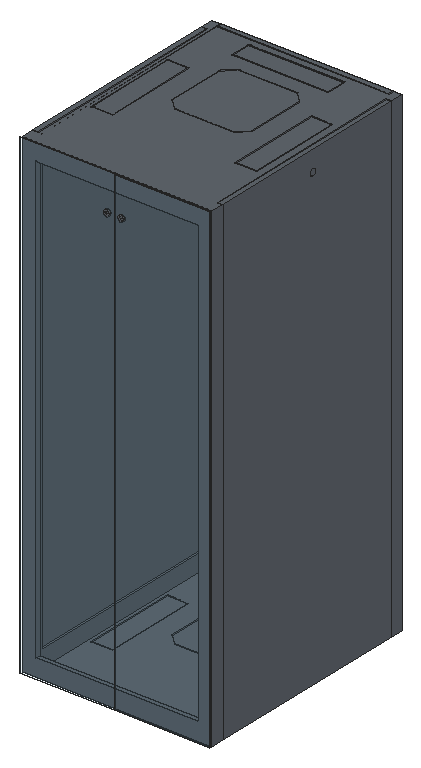
Revit family "Linkeo Freestanding cabinets with double front door width 800", category Equipement spécialisé, Revit 2020
Family settings
  Cote de connecteur circulaire = Utiliser le diamètre
  Type d'élément = Normal
  Numéro OmniClass = 23.85.05.17.11.14
  Titre OmniClass = Multimedia Broadcasting Equipment
  Basée sur le plan de construction = Non
  Toujours verticalement = Oui
  Couper avec des vides une fois chargée = Non
  Partagée = Oui
  Point de calcul de pièce = Non
Parameters (values of type "Cabinet Linkeo2 42U 800x1000 double door")
  With roof plate = yes
  With earthing = yes
  Width (mm) = 810.00 mm
  Usable width (mm) = 890.00 mm
  Usable height (mm) = 1881.00 mm
  Type of ventilation = "None"
  Type of surface = "Powder coating"
  Type of profile rail = "Crank"
  Storage temperature = "-25°C à 70°C"
  Rack location = 93.00 mm
  RAL Number = "7016"
  Operating temperature = "-25°C à 70°C"
  Number of height units = 42
  Number of doors = "2"
  Mounting level = "Front side"
  Modular spacing = "19 inches"
  Model width = 800.00 mm
  Model = "With permanent frame"
  Max load capacity = "400"
  Material = "Steel"
  Type of levelling feet = "Levelling feet  800X1000"
  Type of vertical uprights = "Vertical uprights for Linkeo freestanding cabinets  42U"
  Type of horizontal uprights = "Horizontal uprights for Linkeo freestanding cabinets  42U depth 1000"
  Locking of the front door = "One point"
  Legrand part number = "646768"
  Height = 2026.00 mm
  Function = "Cabinet Linkeo2"
  Front door material = glass
  Fabricant = "Legrand"  # constant formula
  E-catalogue link = "https://www.legrand.fr/reference/646768/pro"
  Door symbol = "Door symbol  Double front door"
  Elévation par défaut = 0.00 mm
  EAN = "3414971001626"
  Distance of the aperture 2 = 298.00 mm
  Distance of the aperture 1 = 457.00 mm
  Depth of the model (mm) = 1000.00 mm
  Depth = 1030.00 mm
  Degree of protection IP = "IP20"
  Degree of protection IK = "IK08"
  Color = grey
  BIM wording = "Cabinet Linkeo2 42U 800x1000 double door"
  Avec porte frontale = yes
  Application class = "EC002499"
Types (3, lengths in mm): name | Usable width (mm) | Usable height (mm) | Type of levelling feet | Type of horizontal uprights | Legrand part number | E-catalogue link | EAN | Distance of the aperture 2 | Distance of the aperture 1 | Depth of the model (mm) | Depth | BIM wording
  Cabinet Linkeo2 42U 800x600 double door | 490.00 | 1786.00 | "Levelling feet  800X600" | "Horizontal uprights for Linkeo freestanding cabinets  42U depth 600" | "646766" | "https://www.legrand.fr/reference/646766/pro" | "3414971001602" | 98.00 | 57.00 | 600.00 | 630.00 | "Cabinet Linkeo2 42U 800x600 double door"
  Cabinet Linkeo2 42U 800x800 double door | 690.00 | 1786.00 | "Levelling feet  800X800" | "Horizontal uprights for Linkeo freestanding cabinets  42U depth 800" | "646767" | "https://www.legrand.fr/reference/646767/pro" | "3414971001619" | 198.00 | 257.00 | 800.00 | 830.00 | "Cabinet Linkeo2 42U 800x800 double door"
  Cabinet Linkeo2 42U 800x1000 double door | 890.00 | 1881.00 | "Levelling feet  800X1000" | "Horizontal uprights for Linkeo freestanding cabinets  42U depth 1000" | "646768" | "https://www.legrand.fr/reference/646768/pro" | "3414971001626" | 298.00 | 457.00 | 1000.00 | 1030.00 | "Cabinet Linkeo2 42U 800x1000 double door"
Reference planes
  plane 1 "Centre (avant/arrière)": y = 106
  plane 2: z = 0
  plane 3: x = -100
  plane 4: x = 700
  plane 5: z = 2026
  plane 6: y = -894
  plane 7: x = -45
  plane 8: x = 645
  plane 9: x = 300
  plane 10: z = 1953.5
  plane 11: z = 72.5
  plane 12: z = 1013
  plane 13: y = -892
  plane 14: x = 300
  plane 15: y = -444.5
  plane 16: y = 455.094
  plane 17: x = 1428.928
  plane 18: z = -485.313
  plane 19: x = 2466.566
  plane 20: z = 1013
  plane 21: x = 300
  plane 22: x = 500
  plane 23: x = 100
  plane 24: x = 300
  plane 25: y = -801
  plane 26: x = 525
  plane 27: y = -799.5
  plane 28: x = 556.5
  plane 29: x = 558
  plane 30: y = -760.5
  plane 31: y = -759
  plane 32: x = 534.5
  plane 33: x = 536
  plane 34: z = 80
  plane 35: z = 89.5
  plane 36: x = 528.5
  plane 37: x = 538
  plane 38: z = 111.75
  plane 39: z = 121.25
  plane 40: y = -742.5
  plane 41: y = -752
  plane 42: z = 105.38
  plane 43: z = 95.88
  plane 44: x = 77
  plane 45: x = 67.5
  plane 46: x = 66
  plane 47: z = 77.5
  plane 48: z = 1991
  plane 49: z = 1013
  plane 50: y = -894
  plane 51: y = 66
  plane 52: z = 35
  plane 53: y = -601
  plane 54 "Panneaux gauche": y = -797.5
  plane 55 "Panneaux droit": y = 62.5
  plane 56 "Panneaux haut": z = 1989
  plane 57: z = 1941
  plane 58: z = 1941
  plane 59: y = -367.5
  plane 60: x = 175
  plane 61: x = 425
  plane 62: y = 54
  plane 63: y = -36
  plane 64: x = 98
  plane 65: x = 502
  plane 66: x = 131
  plane 67: y = -344.658
  plane 68: x = 469
  plane 69: y = -6.658
  plane 70: x = 133.5
  plane 71: y = -9.158
  plane 72: y = -342.158
  plane 73: x = 466.5
  plane 74: y = -50.658
  plane 75: y = -300.158
  plane 76: through (150.891, -321.084, 1200) normal (-0.7071, -0.7071, 0)
  plane 77: through (440.304, -329.89, 1200) normal (-0.7071, 0.7071, 0)
  plane 78: through (446.349, -26.971, 1200) normal (-0.7071, -0.7071, 0)
  plane 79: through (445.75, -29.908, 1200) normal (-0.7071, -0.7071, 0)
  plane 80: through (150.227, -316.885, 1200) normal (-0.7071, -0.7071, 0)
  plane 81: through (445.5, -321.158, 1200) normal (-0.7071, 0.7071, 0)
  plane 82: x = 100.5
  plane 83: y = 91.5
  plane 84: y = 7.5
  plane 85: x = 499.5
  plane 86: x = 131
  plane 87: y = -437
  plane 88: x = 469
  plane 89: y = -99
  plane 90: x = 133.5
  plane 91: y = -101.5
  plane 92: y = -434.5
  plane 93: x = 466.5
  plane 94: y = -143
  plane 95: y = -392.5
  plane 96: through (150.891, -413.426, 577) normal (-0.7071, -0.7071, 0)
  plane 97: through (440.304, -422.232, 577) normal (-0.7071, 0.7071, 0)
  plane 98: through (446.349, -119.313, 577) normal (-0.7071, -0.7071, 0)
  plane 99: through (445.75, -122.25, 577) normal (-0.7071, -0.7071, 0)
  plane 100: through (150.227, -409.227, 577) normal (-0.7071, -0.7071, 0)
  plane 101: through (445.5, -413.5, 577) normal (-0.7071, 0.7071, 0)
  plane 102: x = -49
  plane 103: x = 41
  plane 104: y = -192
  plane 105: y = -596
  plane 106: y = -194.5
  plane 107: x = -46.5
  plane 108: x = 559
  plane 109: x = 649
  plane 110: through (113.028, -163.472, 1200) normal (-0.7071, 0.7071, 0)
  plane 111: through (194.144, -78.82, 1200) normal (0.7071, -0.7071, 0)
  plane 112: through (113.028, -71.13, 1823) normal (-0.7071, 0.7071, 0)
  plane 113: through (194.144, 13.522, 1823) normal (0.7071, -0.7071, 0)
  plane 114: x = 175.5
  plane 115: through (175.5, -434.5, 1200) normal (-0.7071, -0.7071, 0)
  plane 116: x = 424.5
  plane 117: through (424.5, -434.5, 1200) normal (-0.7071, 0.7071, 0)
  plane 118: through (133.5, -143, 1200) normal (-0.7071, 0.7071, 0)
  plane 119: through (425, -101.5, 1200) normal (0.7071, 0.7071, 0)
  plane 120: x = 175.5
  plane 121: through (175.5, -342.158, 1823) normal (-0.7071, -0.7071, 0)
  plane 122: x = 424.5
  plane 123: through (424.5, -342.158, 1823) normal (-0.7071, 0.7071, 0)
  plane 124: through (133.5, -50.658, 1823) normal (-0.7071, 0.7071, 0)
  plane 125: through (425, -9.158, 1823) normal (0.7071, 0.7071, 0)
  plane 126: y = -801
  plane 127: z = 124.45
  plane 128: x = 42
  plane 129: y = -593.5
  plane 130: x = 100.5
  plane 131: x = 100.5
  plane 132: x = 100.5
  plane 133: x = 561.5
  plane 134: z = 1958
  plane 135: y = -394
  plane 136: y = 84.5
  plane 137: y = -872.5
  plane 138: x = 41
  plane 139: x = 559
  plane 140: x = 300
  plane 141: z = 4159
  plane 142: z = 1958
  plane 143: y = -694
  plane 144: z = 72
  plane 145: z = 1954
  plane 146: y = 82.5
  plane 147: y = -870.5
  plane 148: x = 38.5
  plane 149: x = 646.5
  plane 150: x = 678.5
  plane 151: x = -78.5
  plane 152: z = 1953.5
  plane 153: z = 72.5
  plane 154: z = 1013
  plane 155: y = -394
  plane 156: y = 51
  plane 157: y = -839
  plane 158: x = -63.5
  plane 159: x = 663.5
  plane 160: y = 84.5
  plane 161: y = -294
  plane 162: y = -909
  plane 163: y = -904
  plane 164: y = -394
  plane 165: x = 301.001
  plane 166: x = 299.001
Forms (mm)
  Extrusion 1, solid, material "grey" <- "Color"
    sketch origin (-100, 0, 0) x (0, 1, 0) y (0, 0, 1)
      loop
        line (-894, 0) -> (106, 0) -> (106, 2026) -> (-894, 2026) -> (-894, 0)
    from 0 to 800
  Extrusion 2, void
    sketch origin (-250, 82.5, 1200) x (1, 0, 0) y (0, 0, 1)
      loop
        line (185, 824) -> (185, -1198) -> (915, -1198) -> (915, 824) -> (185, 824)
    from 0 to 953
  Extrusion 3, void
    sketch origin (0, 106, 0) x (1, 0, 0) y (0, 0, 1)
      loop
        line (-45, 1953.5) -> (-45, 72.5) -> (645, 72.5) -> (645, 1953.5) -> (-45, 1953.5)
    from 0 to 1000
  Extrusion 4, solid, material "grey"
    sketch origin (-100, -909, 1976) x (1, 0, 0) y (0, 0, 1)
      loop
        circle (370.629, -100.966) r 12
    from 0 to 5
  Extrusion 5, void
    sketch origin (-100, -914, 1976) x (-1, 0, 0) y (0, 0, 1)
      loop
        line (-364.359, -96.63) -> (-366.292, -94.697) -> (-376.899, -105.303) -> (-374.966, -107.236) -> (-364.359, -96.63)
    from 0 to 2
  Extrusion 6, solid, material "grey" <- "Color", not visible
    sketch origin (-100, 47, -855.959) x (0, -1, 0) y (0, 0, 1)
      loop
        circle (154, 1149) r 12
    from 0 to 4
  Extrusion 7, void, not visible
    sketch origin (-104, 531.38, -177.686) x (0, 1, 0) y (0, 0, 1)
      loop
        line (-631.856, 476.03) -> (-633.789, 477.963) -> (-644.395, 467.357) -> (-642.463, 465.424) -> (-631.856, 476.03)
    from 0 to 2
  Extrusion 8, solid, material "grey" <- "Color"
    sketch origin (-100, -213.5, 792) x (0, -1, 0) y (0, 0, 1)
      loop
        circle (154, 1149) r 12
    from 0 to 4
  Extrusion 9, void
    sketch origin (-104, 270.88, 1470.273) x (0, 1, 0) y (0, 0, 1)
      loop
        line (-631.856, 476.03) -> (-633.789, 477.963) -> (-644.395, 467.357) -> (-642.463, 465.424) -> (-631.856, 476.03)
    from 0 to 2
  Extrusion 10, solid, material "grey" <- "Color", not visible
    sketch origin (621, -865.746, -189.529) x (0, 1, 0) y (0, 0, 1)
      loop
        circle (638.746, 471.529) r 12
    from 0 to 4
  Extrusion 11, void, not visible
    sketch origin (625, -865.126, -189.694) x (0, -1, 0) y (0, 0, 1)
      loop
        line (-631.856, 476.03) -> (-633.789, 477.963) -> (-644.395, 467.357) -> (-642.463, 465.424) -> (-631.856, 476.03)
    from 0 to 2
  Extrusion 12, void
    sketch origin (0, -23, 0) x (1, 0, 0) y (0, 1, 0)
      loop
        line (131, -118.964) -> (131, -370.536) -> (174.464, -414) -> (425.536, -414) -> (469, -370.536) -> (469, -118.964) -> (426.036, -76) -> (173.964, -76) -> (131, -118.964)
    from 2026 to 0
  Extrusion 13, void
    sketch origin (-100, -894, 0) x (0, -1, 0) y (1, 0, 0)
      loop
        line (-858, 198) -> (-858, 602) -> (-948, 602) -> (-948, 198) -> (-858, 198)
    from 0 to 2026
  Extrusion 14, solid, material "grey" <- "Color"
    sketch origin (698, 106, 2026) x (-1, 0, 0) y (0, -1, 0)
      loop
        line (597.5, 56) -> (597.5, 138.5) -> (198.5, 138.5) -> (198.5, 56) -> (597.5, 56)
    from 0 to -2
  Extrusion 15, solid, material "grey" <- "Color", not visible
    sketch origin (698, 146, 625) x (-1, 0, 0) y (0, -1, 0)
      loop
        line (597.5, 56) -> (597.5, 138.5) -> (198.5, 138.5) -> (198.5, 56) -> (597.5, 56)
    from 0 to -2
  Extrusion 16, solid, material "grey" <- "Color"
    sketch origin (698, 106, 2) x (-1, 0, 0) y (0, -1, 0)
      loop
        line (597.5, 56) -> (597.5, 138.5) -> (198.5, 138.5) -> (198.5, 56) -> (597.5, 56)
    from 0 to -2
  Extrusion 17, void
    sketch origin (0, 0, 0) x (0, 1, 0) y (1, 0, 0)
      loop
        line (-192, -49) -> (-192, 41) -> (-596, 41) -> (-596, -49) -> (-192, -49)
      loop
        line (-192, 559) -> (-192, 649) -> (-596, 649) -> (-596, 559) -> (-192, 559)
    from 0 to -2026
  Extrusion 18, solid, material "grey" <- "Color"
    sketch origin (-100, -454, 0) x (1, 0, 0) y (0, -1, 0)
      loop
        line (233.5, -311) -> (275, -352.5) -> (525, -352.5) -> (566.5, -311) -> (566.5, -61.5) -> (524.5, -19.5) -> (275.5, -19.5) -> (233.5, -61.5) -> (233.5, -311)
    from 0 to -2
  Extrusion 19, solid, material "grey" <- "Color"
    sketch origin (-100, 106, 2026) x (0, -1, 0) y (1, 0, 0)
      loop
        line (207.5, 275) -> (249, 233.5) -> (498.5, 233.5) -> (540.5, 275.5) -> (540.5, 524.5) -> (498.5, 566.5) -> (249, 566.5) -> (207.5, 525) -> (207.5, 275)
    from -2 to 0
  Extrusion 20, void
    sketch origin (0, 106, 0) x (1, 0, 0) y (0, 0, 1)
      loop
        line (649, 1954) -> (-49, 1954) -> (-49, 72) -> (649, 72) -> (649, 1954)
    from 2 to 0
  Extrusion 21, solid, material "grey" <- "Color"
    sketch origin (938.746, 106, 1467.471) x (-1, 0, 0) y (0, 0, 1)
      loop
        circle (638.746, 471.529) r 12
    from 0 to 4
  Extrusion 22, void
    sketch origin (938.126, 110, 1467.306) x (1, 0, 0) y (0, 0, 1)
      loop
        line (-631.856, 476.03) -> (-633.789, 477.963) -> (-644.395, 467.357) -> (-642.463, 465.424) -> (-631.856, 476.03)
    from 0 to 2
  Extrusion 23, solid, material "grey" <- "Color"
    sketch origin (-100, 106, 2026) x (0, -1, 0) y (1, 0, 0)
      loop
        line (699.5, 746.5) -> (300.5, 746.5) -> (300.5, 661.5) -> (699.5, 661.5) -> (699.5, 746.5)
    from 0 to -2
  Extrusion 24, solid, material "grey" <- "Color"
    sketch origin (-100, -894, 0) x (1, 0, 0) y (0, -1, 0)
      loop
        line (53.5, -699.5) -> (138.5, -699.5) -> (138.5, -300.5) -> (53.5, -300.5) -> (53.5, -699.5)
    from 0 to -2
  Extrusion 25, solid, material "grey" <- "Color"
    sketch origin (-100, -894, 0) x (1, 0, 0) y (0, -1, 0)
      loop
        line (746.5, -699.5) -> (746.5, -300.5) -> (661.5, -300.5) -> (661.5, -699.5) -> (746.5, -699.5)
    from 0 to -2
  Extrusion 26, solid, material "grey" <- "Color"
    sketch origin (700, -521.5, 792) x (0, 1, 0) y (0, 0, 1)
      loop
        circle (154, 1149) r 12
    from 0 to 4
  Extrusion 27, void
    sketch origin (704, -1005.88, 1470.273) x (0, -1, 0) y (0, 0, 1)
      loop
        line (-631.856, 476.03) -> (-633.789, 477.963) -> (-644.395, 467.357) -> (-642.463, 465.424) -> (-631.856, 476.03)
    from 0 to 2
  Extrusion 28, void
    sketch origin (-100, 0, 0) x (0, 1, 0) y (0, 0, 1)
      loop
        line (51, 2026) -> (-839, 2026) -> (-839, 0) -> (51, 0) -> (51, 2026)
    from 0 to 21.5
  Extrusion 29, solid, material "grey" <- "Color"
    sketch origin (-100, 0, 0) x (0, 1, 0) y (0, 0, 1)
      loop
        line (51, 2026) -> (-839, 2026) -> (-839, 0) -> (51, 0) -> (51, 2026)
    from 0 to 21.5
  Extrusion 30, solid, material "grey" <- "Color"
    sketch origin (700, 0, 0) x (0, 1, 0) y (0, 0, 1)
      loop
        line (-839, 2026) -> (-839, 0) -> (51, 0) -> (51, 2026) -> (-839, 2026)
    from 0 to -21.5
  Extrusion 31, solid, material "grey" <- "Color"
    sketch origin (0, 106, 0) x (1, 0, 0) y (0, 0, 1)
      loop
        line (663.5, 2026) -> (-63.5, 2026) -> (-63.5, 0) -> (663.5, 0) -> (663.5, 2026)
    from 0 to 21.5
  Extrusion 32, solid, material "grey" <- "Color"
    sketch origin (-100, 106, 2026) x (0, -1, 0) y (1, 0, 0)
      loop
        line (300.5, 53.5) -> (699.5, 53.5) -> (699.5, 138.5) -> (300.5, 138.5) -> (300.5, 53.5)
    from 0 to -2
  Extrusion 33, void
    sketch origin (700, 0, 0) x (0, -1, 0) y (0, 0, 1)
      loop
        line (839, 2026) -> (-51, 2026) -> (-51, 0) -> (839, 0) -> (839, 2026)
    from 0 to 21.5
  Extrusion 34, void
    sketch origin (-100, 0, 0) x (0, 1, 0) y (0, 0, 1)
      loop
        line (51, 1953.5) -> (-839, 1953.5) -> (-839, 72.5) -> (51, 72.5) -> (51, 1953.5)
    from 0 to 800
  Extrusion 35, void
    sketch origin (-100, 106, 2026) x (1, 0, 0) y (0, -1, 0)
      loop
        line (36.5, 21.5) -> (36.5, 0) -> (763.5, 0) -> (763.5, 21.5) -> (36.5, 21.5)
    from 0 to 2026
  Extrusion 36, solid, material "glass" <- "Front door material"
    sketch origin (-100, 106, 2026) x (0, -1, 0) y (1, 0, 0)
      loop
        line (1015, 0) -> (1015, 800) -> (1010, 800) -> (1010, 0) -> (1015, 0)
    from -2026 to 4
  Extrusion 37, void
    sketch origin (-100, 106, 2030) x (1, 0, 0) y (0, -1, 0)
      loop
        line (399.001, 1015) -> (399.001, 1009.708) -> (401.001, 1009.708) -> (401.001, 1015) -> (399.001, 1015)
    from 0 to 2030
  Extrusion 38, solid, material "grey"
    sketch origin (-100, -909, 1976) x (1, 0, 0) y (0, 0, 1)
      loop
        circle (430.629, -100.966) r 12
    from 0 to 5
  Extrusion 39, void
    sketch origin (-100, -914, 1976) x (-1, 0, 0) y (0, 0, 1)
      loop
        line (-424.359, -96.63) -> (-426.292, -94.697) -> (-436.899, -105.303) -> (-434.966, -107.236) -> (-424.359, -96.63)
    from 0 to 2
Cuts and joins
  Extrusion 2, Extrusion 3, Extrusion 12, Extrusion 13, Extrusion 17, Extrusion 20, Extrusion 28, Extrusion 33, Extrusion 34, Extrusion 35 cuts Extrusion 1
  Extrusion 5, Extrusion 39 cuts Extrusion 4
  Extrusion 9, Extrusion 34 cuts Extrusion 8
  Extrusion 22 cuts Extrusion 21
  Extrusion 27, Extrusion 33 cuts Extrusion 26
  Extrusion 37 cuts Extrusion 36
  Extrusion 39 cuts Extrusion 38
Lines and regions (mm)
  model lines, not visible
    curve 1: line (488, 106, 1013) -> (512, 106, 1013)
    curve 2: line (-104, -119, 293.041) -> (-104, -107, 293.041)
    curve 3: line (-104, -379.5, 1941) -> (-104, -367.5, 1941)
    curve 4: line (661, -215, 282) -> (661, -227, 282)
    curve 5: line (-139, -227, 282) -> (-139, -227, 270)
    curve 6: line (-100, -354, 1667) -> (-100, -354, 1655)
    curve 7: line (-100, -93.5, 19.041) -> (-100, -93.5, 7.041)
    curve 8: line (288, 146, 1939) -> (300, 146, 1939)
    curve 9: line (300, -654, 1939) -> (300, -654, 1927)
    curve 10: line (704, -355.5, 1941) -> (704, -367.5, 1941)
    curve 11: line (700, -381, 1667) -> (700, -381, 1655)
    curve 12: line (700, -381, 1667) -> (700, -371, 1667)
    curve 13: line (-100, -93.5, 19.041) -> (-100, -103.5, 19.041)
    curve 14: line (-100, -354, 1667) -> (-100, -364, 1667)
    curve 15: line (700, -654, 1927) -> (700, -639, 1927)
    curve 16: line (-139, -627, 270) -> (-124, -627, 270)
Dimensions and locks
  "Model width": plane 4 to plane 3
  "Height": plane 5 to level
  "Depth of the model (mm)": plane 6 to plane 1 "Centre (avant/arrière)"
  locked: plane 7 to plane 8 at 690
  equal spacing: plane 7, plane 9, plane 8
  equal spacing: plane 4, plane 9, plane 3
  equal spacing: plane 5, plane 12, level
  equal spacing: plane 10, plane 12, plane 11
  "Usable height (mm)": plane 10 to plane 11
  Extrusion 2 sketch curve to plane 3 = 35.00 mm
  Extrusion 2 sketch curve to plane 4 = 35.00 mm
  locked: Extrusion 2 sketch curve to level at 2
  locked: plane 5 to Extrusion 2 sketch curve at 2
  locked: plane 6 to plane 13 at 2
  cut or joined group 1 (Extrusion 1, Extrusion 2, Extrusion 3, Extrusion 12, Extrusion 13, Extrusion 17, Extrusion 20, Extrusion 28, Extrusion 33, Extrusion 34, Extrusion 35) to plane 1 "Centre (avant/arrière)" = 23.50 mm
  equal spacing: plane 3, plane 14, plane 4
  equal spacing: plane 23, plane 24, plane 22
  "Rack location": plane 25 to plane 6
  locked: plane 27 to plane 25 at 1.5
  locked: plane 28 to plane 29 at 1.5
  locked: plane 30 to plane 31 at 1.5
  locked: plane 32 to plane 33 at 1.5
  plane 29 to cut or joined group 1 = 107.00 mm
  locked: plane 26 to plane 28 at 31.5
  locked: plane 31 to plane 25 at 42
  locked: plane 32 to plane 29 at 23.5
  locked: plane 34 to level at 80
  locked: plane 35 to plane 34 at 9.5
  locked: plane 36 to plane 37 at 9.5
  locked: plane 26 to plane 36 at 3.5
  locked: plane 39 to plane 38 at 9.5
  locked: plane 38 to plane 34 at 31.75
  plane 41 to plane 40 = 9.50 mm
  locked: plane 42 to plane 43 at 9.5
  plane 43 to plane 35 = 6.38 mm
  locked: plane 45 to plane 46 at 1.5
  locked: plane 47 to plane 11 at 5
  plane 5 to plane 48 to plane 10 = 35.00 mm, 37.50 mm
  locked: plane 51 to plane 1 "Centre (avant/arrière)" at 40
  locked: plane 52 to level at 35
  locked: plane 48 to plane 5 at 35
  locked: plane 25 to plane 54 "Panneaux gauche" at 3.5
  locked: plane 55 "Panneaux droit" to plane 51 at 3.5
  locked: plane 56 "Panneaux haut" to plane 48 at 2
  plane 57 to plane 5 = 85.00 mm
  locked: plane 5 to plane 58 at 85
  plane 54 "Panneaux gauche" to plane 55 "Panneaux droit" = 860.00 mm
  equal spacing: plane 54 "Panneaux gauche", plane 59, plane 55 "Panneaux droit"
  locked: plane 64 to plane 65 at 404
  "Distance of the aperture 2": plane 1 "Centre (avant/arrière)" to plane 104
  locked: plane 104 to plane 105 at 404
  locked: plane 102 to plane 103 at 90
  locked: plane 104 to plane 106 at 2.5
  locked: plane 102 to plane 107 at 2.5
  locked: plane 3 to plane 102 at 51
  locked: plane 108 to plane 109 at 90
  plane 109 to plane 4 = 51.00 mm
  "Distance of the aperture 1": plane 50 to plane 87
  locked: plane 127 to plane 34 at 44.45
  equal spacing: plane 128, plane 24, plane 29
  locked: plane 128 to plane 29 at 516
  plane 1 "Centre (avant/arrière)" to plane 62 = 52.00 mm
  cut or joined group 1 to plane 63 = 90.00 mm
  plane 129 to plane 105 = 2.50 mm
  plane 5 to plane 134 = 68.00 mm
  equal spacing: plane 136, plane 135, plane 137
  equal spacing: plane 1 "Centre (avant/arrière)", plane 135, plane 6
  equal spacing: plane 138, plane 140, plane 139, locked at 259 each
  plane 141 to plane 20 = 3146.00 mm
  equal spacing: Extrusion 28 sketch curve, plane 135, Extrusion 28 sketch curve
  "Usable width (mm)": Extrusion 28 sketch curve to Extrusion 28 sketch curve
  locked: plane 144 to level at 72
  plane 5 to plane 145 = 72.00 mm
  locked: plane 1 "Centre (avant/arrière)" to plane 146 at 23.5
  locked: plane 50 to plane 147 at 23.5
  locked: plane 148 to plane 103 at 2.5
  locked: plane 149 to plane 109 at 2.5
  locked: plane 150 to plane 4 at 21.5
  locked: plane 3 to plane 151 at 21.5
  equal spacing: plane 152, plane 154, plane 153
  "Usable height (mm)": plane 152 to plane 153
  equal spacing: plane 156, plane 155, plane 157
  "Usable width (mm)": plane 156 to plane 157
  locked: plane 3 to plane 158 at 36.5
  locked: plane 159 to plane 4 at 36.5
  locked: plane 1 "Centre (avant/arrière)" to plane 160 at 21.5
  equal spacing: plane 1 "Centre (avant/arrière)", plane 161, plane 143
  locked: plane 163 to plane 162 at 5
  locked: plane 163 to plane 50 at 10
  cut or joined group of Extrusion 4, Extrusion 5, Extrusion 39 to Extrusion 36 = 5.00 mm
  equal spacing: plane 50, plane 164, plane 1 "Centre (avant/arrière)"
  locked: curve 11 to curve 6 at 27
  locked: curve 12 to curve 14
  locked: curve 15 to plane 5 at 99
  locked: plane 166 to plane 165 at 2
  locked: Extrusion 37 sketch curve to Extrusion 37 sketch curve at 5.292
  aligned and locked: level to plane 2
  aligned and locked: Extrusion 1 sketch curve to level
  aligned and locked: Extrusion 1 sketch curve to plane 6
  aligned and locked: plane 5 to Extrusion 1 sketch curve
  aligned and locked: Extrusion 1 sketch curve to plane 1 "Centre (avant/arrière)"
  aligned and locked: Extrusion 1 to plane 4
  aligned and locked: Extrusion 1 to plane 3
  aligned and locked: Extrusion 3 sketch curve to plane 10
  aligned and locked: Extrusion 3 sketch curve to plane 7
  aligned and locked: plane 11 to Extrusion 3 sketch curve
  aligned and locked: Extrusion 3 sketch curve to plane 8
  aligned and locked: Extrusion 1 to Extrusion 3  (x2)
  aligned and locked: plane 24 to plane 9
  aligned and locked: plane 6 to plane 50
  aligned and locked: plane 57 to curve 3
  aligned and locked: plane 59 to curve 3
  aligned and locked: Extrusion 13 sketch curve to plane 64
  aligned and locked: plane 65 to Extrusion 13 sketch curve
  aligned and locked: Extrusion 14 to cut or joined group 1
  aligned and locked: Extrusion 1 to Extrusion 13
  aligned and locked: plane 104 to Extrusion 17 sketch curve  (x2)
  aligned and locked: Extrusion 17 sketch curve to plane 102
  aligned and locked: Extrusion 17 sketch curve to plane 105  (x2)
  aligned and locked: plane 103 to Extrusion 17 sketch curve
  aligned and locked: plane 5 to Extrusion 17
  aligned and locked: Extrusion 12 sketch curve to plane 86
  aligned and locked: Extrusion 12 sketch curve to plane 111
  aligned and locked: Extrusion 12 sketch curve to plane 89
  aligned and locked: Extrusion 12 sketch curve to plane 98
  aligned and locked: Extrusion 12 sketch curve to plane 88
  aligned and locked: Extrusion 12 sketch curve to plane 97
  aligned and locked: Extrusion 12 sketch curve to plane 87
  aligned and locked: Extrusion 12 sketch curve to plane 96
  aligned and locked: Extrusion 18 sketch curve to plane 110
  aligned and locked: Extrusion 18 sketch curve to plane 91
  aligned and locked: Extrusion 18 sketch curve to plane 99
  aligned and locked: Extrusion 18 sketch curve to plane 93
  aligned and locked: Extrusion 18 sketch curve to plane 101
  aligned and locked: Extrusion 18 sketch curve to plane 92
  aligned and locked: Extrusion 18 sketch curve to plane 100
  aligned and locked: Extrusion 18 sketch curve to plane 90
  aligned and locked: Extrusion 19 sketch curve to Extrusion 18  (x8)
  aligned and locked: Extrusion 19 to cut or joined group 1
  aligned and locked: plane 5 to Extrusion 19
  aligned and locked: Extrusion 18 to level
  aligned and locked: plane 109 to Extrusion 20 sketch curve
  aligned and locked: plane 102 to Extrusion 20 sketch curve
  aligned and locked: Extrusion 20 to Extrusion 1
  aligned and locked: plane 126 to plane 25
  aligned and locked: Extrusion 17 sketch curve to plane 108
  aligned and locked: plane 109 to Extrusion 17 sketch curve
  aligned and locked: Extrusion 13 sketch curve to plane 62
  aligned and locked: Extrusion 13 sketch curve to plane 63
  aligned and locked: Extrusion 14 to plane 130
  aligned and locked: Extrusion 15 to plane 131
  aligned and locked: Extrusion 16 to plane 132
  aligned and locked: Extrusion 1 to Extrusion 12
  aligned and locked: Extrusion 23 sketch curve to plane 106
  aligned and locked: Extrusion 23 sketch curve to plane 133
  aligned and locked: Extrusion 23 sketch curve to plane 129
  aligned and locked: Extrusion 23 to cut or joined group 1
  aligned and locked: plane 5 to Extrusion 23
  aligned and locked: Extrusion 24 to cut or joined group 1
  aligned and locked: Extrusion 25 sketch curve to Extrusion 23  (x2)
  aligned and locked: Extrusion 23 to Extrusion 25 sketch curve
  aligned and locked: Extrusion 25 to cut or joined group 1
  aligned and locked: plane 140 to plane 14
  aligned and locked: plane 142 to plane 134
  aligned and locked: plane 145 to Extrusion 20 sketch curve
  aligned and locked: Extrusion 20 sketch curve to plane 144
  aligned and locked: cut or joined group 1 to Extrusion 29 sketch curve
  aligned and locked: Extrusion 29 sketch curve to cut or joined group 1
  aligned and locked: Extrusion 30 sketch curve to cut or joined group 1  (x4)
  aligned and locked: plane 146 to Extrusion 2
  aligned and locked: Extrusion 2 to plane 147
  aligned and locked: Extrusion 24 sketch curve to plane 106
  aligned and locked: Extrusion 24 sketch curve to plane 107
  aligned and locked: Extrusion 32 sketch curve to Extrusion 24  (x2)
  aligned and locked: plane 129 to Extrusion 24 sketch curve
  aligned and locked: plane 129 to Extrusion 32 sketch curve
  aligned and locked: Extrusion 32 to cut or joined group 1
  aligned and locked: plane 148 to Extrusion 32 sketch curve
  aligned and locked: plane 148 to Extrusion 24 sketch curve
  aligned and locked: Extrusion 25 sketch curve to plane 149
  aligned and locked: Extrusion 23 sketch curve to plane 149
  aligned and locked: Extrusion 30 to plane 150
  aligned and locked: Extrusion 29 to plane 151
  aligned and locked: plane 5 to Extrusion 28 sketch curve
  aligned and locked: Extrusion 28 sketch curve to level
  aligned and locked: Extrusion 28 to Extrusion 29
  aligned and locked: Extrusion 33 sketch curve to Extrusion 30  (x2)
  aligned and locked: Extrusion 33 sketch curve to cut or joined group 1  (x2)
  aligned and locked: Extrusion 33 to Extrusion 30
  aligned and locked: plane 5 to Extrusion 29 sketch curve
  aligned and locked: Extrusion 29 sketch curve to level
  aligned and locked: plane 12 to plane 154
  aligned and locked: Extrusion 34 sketch curve to plane 11
  aligned and locked: Extrusion 34 sketch curve to plane 157
  aligned and locked: plane 156 to Extrusion 34 sketch curve
  aligned and locked: plane 10 to Extrusion 34 sketch curve
  aligned and locked: Extrusion 34 to plane 4
  aligned and locked: plane 160 to Extrusion 35 sketch curve
  aligned and locked: plane 158 to Extrusion 35 sketch curve
  aligned and locked: plane 1 "Centre (avant/arrière)" to Extrusion 35 sketch curve
  aligned and locked: Extrusion 35 sketch curve to plane 159
  aligned and locked: Extrusion 1 to Extrusion 35
  aligned and locked: plane 5 to Extrusion 31 sketch curve
  aligned and locked: Extrusion 31 sketch curve to level
  aligned and locked: Extrusion 31 sketch curve to cut or joined group 1  (x2)
  aligned and locked: Extrusion 31 to cut or joined group 1
  aligned and locked: plane 135 to plane 155
  aligned and locked: Extrusion 36 sketch curve to plane 162
  aligned and locked: Extrusion 36 sketch curve to plane 3
  aligned and locked: Extrusion 36 sketch curve to plane 163
  aligned and locked: Extrusion 36 sketch curve to plane 4
  aligned and locked: cut or joined group 1 to Extrusion 36
  aligned and locked: curve 12 to curve 11
  aligned and locked: curve 13 to curve 7
  aligned and locked: curve 14 to curve 6
  aligned and locked: plane 165 to Extrusion 37 sketch curve
  aligned and locked: Extrusion 37 sketch curve to plane 166
  aligned and locked: Extrusion 37 to Extrusion 36
  aligned and locked: Extrusion 37 to level
Automatic sketch dimensions
  Extrusion 7 sketch curve to Extrusion 7 sketch curve = 1.933 mm  (x2)
  Extrusion 7 sketch curve to Extrusion 7 sketch curve = 10.607 mm
  Extrusion 9 sketch curve to Extrusion 9 sketch curve = 1.933 mm  (x2)
  Extrusion 9 sketch curve to Extrusion 9 sketch curve = 10.607 mm
  Extrusion 11 sketch curve to Extrusion 11 sketch curve = 1.933 mm  (x2)
  Extrusion 11 sketch curve to Extrusion 11 sketch curve = 10.607 mm
  curve 5 to curve 5 = 12.00 mm
  curve 6 to curve 6 = 12.00 mm
  curve 7 to curve 7 = 12.00 mm
  Extrusion 22 sketch curve to Extrusion 22 sketch curve = 1.933 mm  (x2)
  Extrusion 22 sketch curve to Extrusion 22 sketch curve = 10.607 mm
  curve 9 to curve 9 = 12.00 mm
  curve 1 to plane 12 = 0.00 mm
  curve 1 to plane 85 = 11.50 mm
  plane 65 to curve 1 = 10.00 mm
  Extrusion 16 sketch curve to Extrusion 16 sketch curve = 399.00 mm
  Extrusion 16 sketch curve to Extrusion 16 sketch curve = 82.50 mm
  Extrusion 14 sketch curve to Extrusion 14 sketch curve = 399.00 mm
  Extrusion 14 sketch curve to Extrusion 14 sketch curve = 82.50 mm
  Extrusion 15 sketch curve to Extrusion 15 sketch curve = 399.00 mm
  Extrusion 15 sketch curve to Extrusion 15 sketch curve = 82.50 mm
  Extrusion 27 sketch curve to Extrusion 27 sketch curve = 1.933 mm  (x2)
  Extrusion 27 sketch curve to Extrusion 27 sketch curve = 10.607 mm
  curve 11 to curve 11 = 12.00 mm
  curve 10 to curve 10 = 12.00 mm
  curve 2 to curve 2 = 12.00 mm
  curve 3 to curve 3 = 12.00 mm
  curve 12 to curve 12 = 10.00 mm
  curve 13 to curve 13 = 10.00 mm
  curve 14 to curve 14 = 10.00 mm
  curve 15 to curve 15 = 15.00 mm
  curve 16 to curve 16 = 15.00 mm
  Extrusion 36 to Extrusion 4 sketch curve = 154.966 mm
  Extrusion 36 to Extrusion 4 sketch curve = 370.629 mm
  Extrusion 36 to Extrusion 38 sketch curve = 154.966 mm
  Extrusion 36 to Extrusion 38 sketch curve = 369.371 mm
  Extrusion 5 sketch curve to Extrusion 5 sketch curve = 1.933 mm  (x2)
  Extrusion 5 sketch curve to Extrusion 5 sketch curve = 10.607 mm
  Extrusion 39 sketch curve to Extrusion 39 sketch curve = 1.933 mm  (x2)
  Extrusion 39 sketch curve to Extrusion 39 sketch curve = 10.607 mm
  Extrusion 36 to Extrusion 37 sketch curve = 0.00 mm
  radius of Extrusion 10 sketch curve = 12.00 mm
  radius of Extrusion 8 sketch curve = 12.00 mm
  radius of Extrusion 6 sketch curve = 12.00 mm
  radius of Extrusion 21 sketch curve = 12.00 mm
  radius of Extrusion 26 sketch curve = 12.00 mm
  radius of Extrusion 4 sketch curve = 12.00 mm
  radius of Extrusion 38 sketch curve = 12.00 mm
